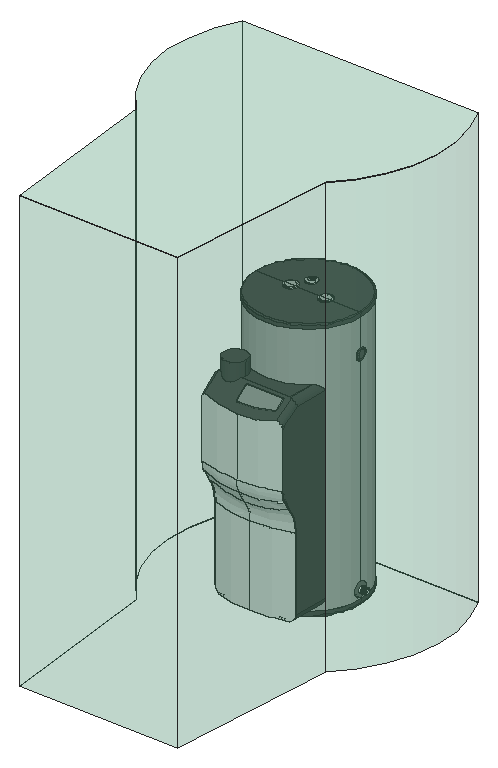
Revit family "Innovo  BENL_IR 20 200 BENL LP", category Mechanical Equipment, Revit 2015
Parameters (values of type "IR-20-200 BENL LP")
  Werkruimte Radius = Diameter + 170 mm  # 780 mm
  Werkruimte Hoogte = Hoogte + 1000 mm  # 2545 mm
  Werkruimte Afstand Voor = 1000 mm
  Werkruimte [instance] = yes
  Voorzorgsmaatregelen tijdens montage, installatie of onderhoud = "zie Gebruikers, Installatie, Service en Onderhouds handleiding"  # constant formula
  Voltage = 230 V  # constant formula
  Verpakkingslengte = 946 mm  # constant formula
  Verpakkingshoogte = 1695 mm
  Verpakkingsbreedte = 786 mm  # constant formula
  Uitsluitend werkend in daluren = no
  Uitschakeldruk LDS < = "210"
  Type aanduiding = "IR-32-245"
  Transportgewicht = 136 kg
  Totaal Gewicht = 381 kg
  Stilstandsverlies - dagelijks (24u) = 0 W
  Stilstandsverlies = 0 W
  Standaard Afgesteld op = "G31"
  Stand Regelthermostaat = 65 °C  # constant formula
  Soort Verpakking = "Karton en Hout"  # constant formula
  Slimme controlefunctie = no
  Setpoint thermostaat = 65 °C  # constant formula
  Seizoens Rendement (Hs) = [Rendement (Hs, vlgs. NEN-EN 89 - 1999)]  # 95
  Rendement (Hs, vlgs. NEN-EN 89 - 1999) = 95
  Rendement (Hi, vlgs. NEN-EN 89 - 1999) = 106
  Produktspecificaties Link = ""
  Produkthandleiding Link = ""
  Produkt Model Nummer (EAN-nummer) = "8717449286262"
  Onderhoudsinterval = "12 maanden"  # constant formula
  Nominale Belasting (Onderwaarde) = "29000.0"
  Nominale Belasting (Bovenwaarde) = "31500.0"
  Nominaal Vermogen = "30100.0"
  NOx-uitstoot mg/kWh = "37"
  NOx-uitstoot (lucht vrij, 0% O2) ppm = "23.0"
  Min. Stand Regelthermostaat = 40 °C  # constant formula
  Max. Werkdruk = 800000.0 Pa
  Max. Stand Regelthermostaat = 85 °C  # constant formula
  Max. Rookgastemperatuur = 65 °C
  Ledig Gewicht = 120 kg
  Kraan Hoogte 02 = if(and(Hoogte = 1745 mm, Diameter = 675 mm), 1518 mm, if(and(Hoogte = 1745 mm, Diameter = 610 mm), 1534 mm, if(Hoogte = 1545 mm, 1328 mm, 1070 mm)))  # 1328 mm
  Kraan Hoogte 01 = if(and(Diameter > 560 mm), 693 mm, 604 mm)  # 693 mm
  URL = "www.aosmith.be"
  Tapcapaciteit bij ΔT = 70°C  na 90 min. = 710.0 L
  Tapcapaciteit bij ΔT = 70°C  na 60 min. = 520.0 L
  Tapcapaciteit bij ΔT = 70°C  na 30 min. = 330.0 L
  Tapcapaciteit bij ΔT = 70°C  na 120 min. = 900.0 L
  Tapcapaciteit bij ΔT = 55°C  na 90 min. = 930.0 L
  Tapcapaciteit bij ΔT = 55°C  na 60 min. = 690.0 L
  Tapcapaciteit bij ΔT = 55°C  na 30 min. = 440.0 L
  Tapcapaciteit bij ΔT = 55°C  na 120 min. = 1200.0 L
  Tapcapaciteit bij ΔT = 50°C  na 90 min. = 1100.0 L
  Tapcapaciteit bij ΔT = 50°C  na 60 min. = 760.0 L
  Tapcapaciteit bij ΔT = 50°C  na 30 min. = 500.0 L
  Tapcapaciteit bij ΔT = 50°C na 120 min. = 1300.0 L
  Tapcapaciteit bij ΔT = 44°C na 120 min. = 1200.0 L
  Tapcapaciteit bij ΔT = 44°C  na 90 min. = 870.0 L
  Tapcapaciteit bij ΔT = 44°C  na 60 min. = 570.0 L
  Tapcapaciteit bij ΔT = 44°C  na 30 min. = 1500.0 L
  Tapcapaciteit bij ΔT = 28°C na 90 min. = 1900.0 L
  Tapcapaciteit bij ΔT = 28°C na 60 min. = 1400.0 L
  Tapcapaciteit bij ΔT = 28°C na 30 min. = 930.0 L
  Tapcapaciteit bij ΔT = 28°C na 120 min. = 2400.0 L
  Tapcapaciteit Continu bij ΔT = 70°C = 380.0 L/s
  Tapcapaciteit Continu bij ΔT = 55°C = 480.0 L/s
  Tapcapaciteit Continu bij ΔT = 50°C = 530.0 L/s
  Tapcapaciteit Continu bij ΔT = 44°C = 600.0 L/s
  Tapcapaciteit Continu bij ΔT = 28°C = 960.0 L/s
  Opwarmtijd bij ΔT = 70°C = "31"
  Opwarmtijd bij ΔT = 55°C = "24"
  Opwarmtijd bij ΔT = 50°C = "22"
  Opwarmtijd bij ΔT = 44°C = "20"
  Opwarmtijd bij ΔT = 28°C = "13"
  Model = "IR-32-325 BENL LP"
  Manufacturer = "A.O. Smith Water Products Company b.v."  # constant formula
  Length = 780 mm  # constant formula
  Jaarlijks elektriciteitsverbruik (2) = "-"
  Jaarlijks elektriciteitsverbruik (1) = "44 kWh"
  Jaarlijks brandstofverbruik (2) = "-"
  Jaarlijks brandstofverbruik (1) = "21 GJ GCV"
  Isolatiedikte = 44 mm
  Installatie Typen = "B23/C13/C33/C43/C53/C63"  # constant formula
  Inhoud = 245.0 L
  Hoogte Warm Water Uitlaat = 1545 mm
  Hoogte Rookgasafvoer = 1345 mm
  Hoogte Lucht Inlaat = 1345 mm
  Hoogte Koud Water Inlaat = 170 mm
  Hoogte Gas Aansluiting = 920 mm
  Hoogte = 1545 mm
  Handelsmerk = "A.O. Smith"  # constant formula
  Geluidsniveau dB (A) = "<45"  # constant formula
  Geluidsniveau binnen = "58 dB"
  Gasverbruik - Volume ltr/hr = "n.v.t."
  Gasverbruik - Massa kg/h = "2.3"
  Gascategorie = "I2E(S)B"  # constant formula
  Gas Voordruk = "3700 Pa"
  Gas Aansluiting = 15"  # constant formula
  Garrantie op Tank = "36 maanden"  # constant formula
  Garrantie op Onderdelen = "12 maanden"  # constant formula
  Frequentie = 50 Hz  # constant formula
  Fase = 1
  Fabrikantnummer = "E 7110"  # constant formula
  Energie-efficiëntieklasse voor waterverwarming (2) = "-"
  Energie-efficiëntieklasse voor waterverwarming (1) = "A"  # constant formula
  Energie-efficiëntie voor waterverwarming (2) = "-"
  Energie-efficiëntie voor waterverwarming (1) = "92%"
  Elektrisch Vermogen (piek) = 105 W
  Elektrisch Vermogen (nominaal) = 85 W
  Diameter Schoorsteen - parallel systeem = "2x80"  # constant formula
  Diameter Schoorsteen - concentrisch systeem = "80/125 mm/mm"  # constant formula
  Diameter Schoorsteen - boiler = "80/125 mm/mm"  # constant formula
  Diameter = 610 mm
  Description = "Condenserende Hoog Rendementsboiler"  # constant formula
  Created By = "http://www.cadcompany.nl/"
  Capaciteitsprofiel = "XXL"
  CO2-uitstoot (tol. +/- 1.0) vol% = "10.0"
  CE-PIN = "0063CQ3037"  # constant formula
  Breedte = Diameter  # 610 mm
  Bestemming / Land = "BelgIë"  # constant formula
  BIM Content Developer = "CAD & Company"  # constant formula
  Assembly Code = "D3010"
  Ander capaciteitsprofiel = "-"
  Aansluiting Warm Water = 1"
  Aansluiting T&P = 1"
  Aansluiting Koud Water = 3/4"  # constant formula
  Aansluiting Condensafvoer = 40 mm  # constant formula
  Aansluiting Aftapkraan = 3/4"  # constant formula
  2e Onderhoud (algeheel onderhoud) = "12 maanden na installatie"  # constant formula
  1e Onderhoud (check-up) = "3 maanden na installatie"  # constant formula
Reference planes
  plane 1 "Center (Front/Back)": y = 0
  plane 2: z = 0
  plane 3 "Center (Left/Right)": x = 0
  plane 4 "Pipe": through (-383.901, 912.349, 194.799) normal (-0.0879, -0.0879, 0.9923)
  plane 5 "footing": y = 118.925
  plane 6 "footing front": y = -237.85
  plane 7: x = -305
  plane 8: x = 305
  plane 9: z = 1545
Forms (mm)
  Revolve 1, solid, material "RAL 9005", detail levels medium+fine
    sketch origin (0, -237.85, 0) x (-1, 0, 0) y (0, 0, 1)
      loop
        line (0, 28.9) -> (-15, 28.9) -> (-15, 26.4) -> (-8.671, 26.4) -> (-8.671, 18) -> (-5.686, 18) -> (-6.626, 17.06) -> (-6.626, 12.06) -> (-8.671, 12.06) -> (-8.671, 10) -> (-10.031, 10) -> (-23.271, 5.181)
        arc (-23.271, 5.181) -> (-23.763, 4.836) -> (-24.017, 4.293) r 1.159
        line (-24.017, 4.293) -> (-24.017, 1.03)
        arc (-24.017, 1.03) -> (-23.715, 0.302) -> (-22.986, 0) r 1.03
        line (-22.986, 0) -> (0, 0) -> (0, 28.9)
      axis (0, 28.9) -> (0, 0)
    angle from 0 to 360
  Revolve 2, solid, material "RAL 9005", detail levels medium+fine
    sketch origin (0, 118.925, 0) x (-1, 0, 0) y (0, 0, 1)
      loop
        line (-205.984, 28.9) -> (-220.984, 28.9) -> (-220.984, 26.4) -> (-214.655, 26.4) -> (-214.655, 18) -> (-211.67, 18) -> (-212.61, 17.06) -> (-212.61, 12.06) -> (-214.655, 12.06) -> (-214.655, 10) -> (-216.015, 10) -> (-229.256, 5.181)
        arc (-229.256, 5.181) -> (-229.747, 4.836) -> (-230.001, 4.293) r 1.159
        line (-230.001, 4.293) -> (-230.001, 1.03)
        arc (-230.001, 1.03) -> (-229.699, 0.302) -> (-228.971, 0) r 1.03
        line (-228.971, 0) -> (-205.984, 0) -> (-205.984, 28.9)
      axis (-205.984, 28.9) -> (-205.984, 0)
    angle from 0 to 360
  Revolve 3, solid, material "RAL 9005", detail levels medium+fine
    sketch origin (0, 118.925, 0) x (-1, 0, 0) y (0, 0, 1)
      loop
        line (204.016, 28.9) -> (189.016, 28.9) -> (189.016, 26.4) -> (195.345, 26.4) -> (195.345, 18) -> (198.33, 18) -> (197.39, 17.06) -> (197.39, 12.06) -> (195.345, 12.06) -> (195.345, 10) -> (193.985, 10) -> (180.744, 5.181)
        arc (180.744, 5.181) -> (180.253, 4.836) -> (179.999, 4.293) r 1.159
        line (179.999, 4.293) -> (179.999, 1.03)
        arc (179.999, 1.03) -> (180.301, 0.302) -> (181.029, 0) r 1.03
        line (181.029, 0) -> (204.016, 0) -> (204.016, 28.9)
      axis (204.016, 28.9) -> (204.016, 0)
    angle from 0 to 360
Lines and regions (mm)
  symbolic lines
    curve 1: line (0, 280.06, 0) -> (0, -280.06, 0)
    curve 2: line (-280.06, 0, 0) -> (280.06, 0, 0)
  symbolic lines, style "Workspace"
    curve 3: line (681.142, 380.06, 0) -> (-681.142, 380.06, 0)
    curve 4: arc (-681.142, 380.06, 0) -> (-777.325, -64.546, 0) -> (-609.127, -487.2, 0) r 780
    curve 5: line (-609.127, -487.2, 0) -> (-421.783, -1517.825, 0)
    curve 6: line (-421.783, -1517.825, 0) -> (424.03, -1517.825, 0)
    curve 7: line (424.03, -1517.825, 0) -> (611.027, -484.816, 0)
    curve 8: arc (611.027, -484.816, 0) -> (777.449, -63.027, 0) -> (681.142, 380.06, 0) r 780
Dimensions and locks
  plane 5 "footing" to plane 1 "Center (Front/Back)" = 118.925 mm
  plane 1 "Center (Front/Back)" to plane 6 "footing front" = 237.85 mm
  "Diameter": plane 7 to plane 8
  equal spacing: plane 7, plane 3 "Center (Left/Right)", plane 8
  "Hoogte": plane 9 to plane 2
  "Werkruimte Afstand Voor": curve 6 to nested 3
  "Werkruimte Radius": radius of curve 4
  "Werkruimte Radius": radius of curve 8
  aligned and locked: level to plane 2
  aligned and locked: nested 3 to Revolve 1 sketch curve
  aligned and locked: plane 3 "Center (Left/Right)" to Revolve 1 sketch curve
  aligned and locked: nested 3 to plane 1 "Center (Front/Back)"
  aligned and locked: plane 3 "Center (Left/Right)" to nested 3
  aligned and locked: nested 1 to plane 8
  aligned and locked: nested 5 to plane 8
  aligned and locked: nested 2 to plane 7
  aligned and locked: nested 4 to plane 7
  aligned and locked: nested 7 to plane 7
  aligned and locked: nested 8 to plane 3 "Center (Left/Right)"
  aligned and locked: nested 8 to nested 3
  aligned and locked: curve 3 to nested 8
Automatic sketch dimensions
  Revolve 1 sketch curve to level = 0 mm
  plane 3 "Center (Left/Right)" to Revolve 1 sketch curve = 5.686 mm
  Revolve 1 sketch curve to Revolve 1 sketch curve = 0.94 mm  (x2)
  Revolve 1 sketch curve to Revolve 1 sketch curve = 2.046 mm  (x2)
  Revolve 1 sketch curve to Revolve 1 sketch curve = 1.359 mm
  Revolve 1 sketch curve to Revolve 1 sketch curve = 6.329 mm
  level to Revolve 1 sketch curve = 4.091 mm
  Revolve 1 sketch curve to Revolve 1 sketch curve = 12.844 mm
  level to Revolve 1 sketch curve = 1.03 mm
  Revolve 1 sketch curve to Revolve 1 sketch curve = 0.111 mm
  level to Revolve 1 sketch curve = 5.181 mm
  Revolve 1 sketch curve to Revolve 1 sketch curve = 0.745 mm
  level to Revolve 1 sketch curve = 10 mm
  Revolve 1 sketch curve to Revolve 1 sketch curve = 2.06 mm
  Revolve 1 sketch curve to Revolve 1 sketch curve = 5 mm
  Revolve 1 sketch curve to Revolve 1 sketch curve = 8.4 mm
  Revolve 1 sketch curve to Revolve 1 sketch curve = 2.5 mm
  Revolve 1 sketch curve to level = 19.635 mm
  Revolve 1 sketch curve to Revolve 1 sketch curve = 46.465 mm
  Revolve 2 sketch curve to level = 0 mm
  level to Revolve 2 sketch curve = 1.03 mm
  Revolve 2 sketch curve to plane 8 = 74.999 mm
  level to Revolve 2 sketch curve = 5.181 mm
  Revolve 2 sketch curve to Revolve 2 sketch curve = 0.745 mm
  Revolve 2 sketch curve to Revolve 2 sketch curve = 0.397 mm
  Revolve 2 sketch curve to Revolve 2 sketch curve = 8.271 mm
  Revolve 2 sketch curve to Revolve 2 sketch curve = 13.241 mm
  Revolve 2 sketch curve to Revolve 2 sketch curve = 1.359 mm
  Revolve 2 sketch curve to Revolve 2 sketch curve = 6.329 mm
  Revolve 2 sketch curve to Revolve 2 sketch curve = 2.046 mm
  level to Revolve 2 sketch curve = 18 mm
  Revolve 2 sketch curve to Revolve 2 sketch curve = 0.94 mm  (x2)
  Revolve 2 sketch curve to Revolve 2 sketch curve = 8.671 mm
  Revolve 2 sketch curve to Revolve 2 sketch curve = 1.089 mm
  Revolve 2 sketch curve to Revolve 2 sketch curve = 8 mm
  Revolve 2 sketch curve to Revolve 2 sketch curve = 2.06 mm
  Revolve 2 sketch curve to Revolve 2 sketch curve = 8.4 mm
  Revolve 2 sketch curve to Revolve 2 sketch curve = 2.5 mm
  Revolve 2 sketch curve to Revolve 2 sketch curve = 0 mm
  Revolve 2 sketch curve to level = 19.635 mm
  Revolve 2 sketch curve to Revolve 2 sketch curve = 46.465 mm
  Revolve 3 sketch curve to level = 0 mm
  level to Revolve 3 sketch curve = 1.03 mm
  Revolve 3 sketch curve to plane 7 = 125.001 mm
  level to Revolve 3 sketch curve = 5.181 mm
  Revolve 3 sketch curve to Revolve 3 sketch curve = 0.745 mm
  Revolve 3 sketch curve to Revolve 3 sketch curve = 0.397 mm
  Revolve 3 sketch curve to Revolve 3 sketch curve = 8.271 mm
  Revolve 3 sketch curve to Revolve 3 sketch curve = 13.241 mm
  Revolve 3 sketch curve to Revolve 3 sketch curve = 1.359 mm
  Revolve 3 sketch curve to Revolve 3 sketch curve = 6.329 mm
  Revolve 3 sketch curve to Revolve 3 sketch curve = 2.046 mm
  level to Revolve 3 sketch curve = 18 mm
  Revolve 3 sketch curve to Revolve 3 sketch curve = 0.94 mm  (x2)
  Revolve 3 sketch curve to Revolve 3 sketch curve = 8.671 mm
  Revolve 3 sketch curve to Revolve 3 sketch curve = 1.089 mm
  Revolve 3 sketch curve to Revolve 3 sketch curve = 8 mm
  Revolve 3 sketch curve to Revolve 3 sketch curve = 2.06 mm
  Revolve 3 sketch curve to Revolve 3 sketch curve = 8.4 mm
  Revolve 3 sketch curve to Revolve 3 sketch curve = 2.5 mm
  Revolve 3 sketch curve to Revolve 3 sketch curve = 0 mm
  Revolve 3 sketch curve to level = 19.635 mm
  Revolve 3 sketch curve to Revolve 3 sketch curve = 46.465 mm
  curve 4 to curve 8 = 0 mm  (x2)
  plane 1 "Center (Front/Back)" to curve 2 = 0 mm
  curve 1 to plane 3 "Center (Left/Right)" = 0 mm
  plane 1 "Center (Front/Back)" to curve 4 = 0 mm
  curve 4 to plane 3 "Center (Left/Right)" = 0 mm
  curve 5 to plane 6 "footing front" = 249.35 mm
  plane 7 to curve 5 = 116.783 mm
  plane 8 to curve 7 = 119.03 mm
  curve 7 to plane 6 "footing front" = 246.966 mm
  curve 2 to plane 7 = 24.94 mm
  curve 2 to plane 8 = 24.94 mm
  curve 1 to plane 6 "footing front" = 42.21 mm
  plane 5 "footing" to curve 1 = 161.135 mm
Nested families
  nested 1: "Valve" at (305, -0.38, 1328) x (0, 1, 0) z (0, 0, 1), built-in parameter 1001364 <- "Kraan Hoogte 02", type "Valve"
  nested 2: "Drain Valve" at (-305, 0, 1328), built-in parameter 1001364 <- "Kraan Hoogte 02", type "Drain Valve"
  nested 3: "Housing Mother Housing S 57 (external)" at (0, -299.886, 0), type "Housing Mother_Housing S_57"
    with radius 305 mm, distance to boiler center 154 mm, diameter 610 mm
  nested 4: "Drain Valve" at (-305, 0, 177), type "Drain Valve"
  nested 5: "Drain Valve" at (305, 0, 107) x (-1, 0, 0) z (0, 0, 1), type "Drain Valve"
  nested 6: "Boiler" at (0, 0, 0), height <- "Hoogte", type "Boiler"
    with height 1545 mm, radius 305 mm, Diameter 610 mm
  nested 7: "Drain Valve" at (-305, 0, 693), built-in parameter 1001364 <- "Kraan Hoogte 01", type "Drain Valve"
  nested 8: "Innovo_workspace" at (0, 0, 0), Workspace <- "Werkruimte", Workspace Distance Front <- "Werkruimte Afstand Voor", Workspace Height <- "Werkruimte Hoogte", Workspace Radius <- "Werkruimte Radius", type "Workspace"
    with Workspace Radius 780 mm, Workspace Height 2545 mm, Workspace Distance Front 1000 mm, Workspace yes, Center to Front 517.825 mm
Connectors
  piping at (339.826, 0, 107), diameter 19.05, driven by "Aansluiting Aftapkraan"
    settings: on nested 5, index 1, connector inside diameter 24", connector length 0 mm, flow factor 0, pipe flow 0.0 L/s, pressure drop 0.0 Pa, fitting loss kfactor 0, connector angle 0.00°, fixture units 0, engagement length 0 mm, angle of deflection 0.00°, flow configuration 0, flow direction 0, fitting loss method 0, system type 19, joint type 0, gender type 0, connector reference index -1, connector utility 0, adjustable connector no, is connector primary yes, connector description ""
  hvac at (-147.013, -346.326, 1310.674)
    settings: on nested 3, index 2, duct flow 0.0 L/s, flow factor 0, pres drop 0.0 Pa, loss coef 0, conn angle 0.00°, conn width 304.8 mm, conn height 304.8 mm, conn diameter 125 mm, duct sys type 4, conn prof type 0, flow config 0, flow direction 0, loss method 0, conn ref index -1, conn util no, is conn primary yes, conn desc ""
Definition of nested family "Valve"
  Parameters (values of type "Valve")
    Type Comments = "T&P valve (internal)"
    Manufacturer = "A.O. Smith"
  Reference planes
    plane 1 "Center (Front/Back)": y = 0
    plane 2: z = 0
    plane 3 "Center (Left/Right)": x = 0
  Forms (mm)
    Extrusion 1, solid, detail levels fine
      sketch origin (0, 0, 0) x (1, 0, 0) y (0, 0, 1)
        loop
          circle (0, 0) r 31.5
      from -2.271 to 1.4
    Sweep 2, solid, detail levels fine
      path origin (0, -1.4, 0) x (1, 0, 0) y (0, 0, 1)
        loop
          circle (0, 0) r 31.5
      profile origin (0, -1.4, 31.5) x (0, 0, -1) y (0, -1, 0)
        loop
          line (7.3, 0) -> (7.3, 3) -> (0, 0) -> (7.3, 0)
  Dimensions and locks
    aligned and locked: level to plane 2
Definition of nested family "Drain Valve"
  Reference planes
    plane 1 "Center (Front/Back)": y = 0
    plane 2: z = 0
    plane 3 "Center (Left/Right)": x = 0
  Forms (mm)
    Revolve 1, solid, detail levels medium+fine
      sketch origin (0, 0, 0) x (1, 0, 0) y (0, 0, 1)
        loop
          line (-33.442, 15.696) -> (-34.826, 14.329) -> (-34.93, 12.731) -> (-16.555, 12.731) -> (-16.555, 0) -> (15.787, 0) -> (15.787, 18.3) -> (-14.4, 18.3) -> (-17.148, 15.533) -> (-18.729, 16.697) -> (-20.091, 15.333) -> (-21.672, 16.496) -> (-23.034, 15.133) -> (-24.614, 16.296) -> (-25.976, 14.932) -> (-27.557, 16.096) -> (-28.919, 14.732) -> (-30.5, 15.896) -> (-31.862, 14.532) -> (-33.442, 15.696)
        axis (-34.93, 0) -> (15.787, 0)
      angle from 0 to 360
  Dimensions and locks
    aligned and locked: level to plane 2
  Nested families
    nested 1: "Rubber sealing" at (2.592, -0.155, 0) x (0.0023, -1, 0) z (0, 0, 1), type "Rubber sealing", detail levels fine
  Definition of nested family "Rubber sealing"
    Reference planes
      plane 1 "Center (Front/Back)": y = 0
      plane 2: z = 0
      plane 3 "Center (Left/Right)": x = 0
    Forms (mm)
      Extrusion 1, solid, detail levels fine
        sketch origin (141.861, 319.581, 0) x (1, 0, 0) y (0, 1, 0)
          loop
            line (-216.354, -311.898) -> (-216.354, -313.94)
            arc (-216.354, -313.94) -> (-141.602, -321.581) -> (-66.861, -313.835) r 366.966
            line (-66.861, -313.835) -> (-66.861, -311.791)
            arc (-66.861, -311.791) -> (-141.602, -319.581) -> (-216.354, -311.898) r 364.966
        from -80 to 80
      Extrusion 2, void
        sketch origin (141.861, 319.581, 0) x (1, 0, 0) y (0, 0, 1)
          loop
            circle (-141.861, 0) r 13
          loop
            circle (-141.861, 0) r 110
          loop
            circle (-141.861, 0) r 40
        from 311.563 to 332.684
      Extrusion 3, void
        sketch origin (141.861, 319.581, 0) x (1, 0, 0) y (0, 0, 1)
          loop
            circle (-141.861, 0) r 18.25
        from 315.524 to 326.084
    Cuts and joins
      Extrusion 2, Extrusion 3 cuts Extrusion 1
    Dimensions and locks
      aligned and locked: level to plane 2
Definition of nested family "Housing Mother Housing S 57 (external)"
  Parameters (values of type "Housing Mother_Housing S_57")
    radius [instance] = 280 mm
    distance to boiler center = if(diameter = 675 mm, 189 mm, if(diameter = 610 mm, 154 mm, 129 mm))  # 129 mm
    diameter = 560 mm
  Reference planes
    plane 1 "Center (Front/Back)": y = 0
    plane 2: z = 0
    plane 3 "Center (Left/Right)": x = 0
    plane 4 "left": through (-245.286, 145.886, 1200) normal (0.9994, 0.0349, 0)
    plane 5: y = -217.939
    plane 6: y = 145.886
    plane 7: z = 1232.6
    plane 8: z = 65.89
    plane 9 "right": through (245.286, 145.886, 1200) normal (0.9994, -0.0349, 0)
    plane 10 "display": through (0, -90.37, 1221.196) normal (0, -0.5736, 0.8192)
    plane 11 "Potentiostat": z = 867.899
    plane 12 "boiler center": y = 274.886
    plane 13: x = -280
    plane 14: x = 280
  Forms (mm)
    Extrusion 1, solid
      sketch origin (0, 0, 0) x (1, 0, 0) y (0, 1, 0)
        loop
          line (-245.286, 145.886) -> (-232.581, -217.939) -> (232.581, -217.939) -> (245.286, 145.886)
          arc (245.286, 145.886) -> (0, 0.923) -> (-245.286, 145.886) r 280
      from 0 to 1232.6
    Sweep 2, void
      path origin (0, 0, 0) x (0, 1, 0) y (0, 0, 1)
        loop
          line (-217.939, 1232.6) -> (-217.939, 795.555)
          arc (-217.939, 795.555) -> (-212.387, 754.285) -> (-197.694, 715.322) r 183.924
          arc (-197.694, 715.322) -> (-179.915, 684.628) -> (-159.106, 655.901) r 348.284
          arc (-159.106, 655.901) -> (-131.411, 600.328) -> (-121.88, 538.973) r 202.254
          line (-121.88, 538.973) -> (-121.88, 61.106)
      profile origin (0, -217.939, 1014.077) x (1, 0, 0) y (0, 1, 0)
        loop
          arc (0, 0) -> (-117.533, 9.941) -> (-231.728, 39.475) r 699.984
          arc (-231.728, 39.475) -> (-233.391, 40.705) -> (-234.07, 42.659) r 3.505
          line (-234.07, 42.659) -> (-254.062, 42.659) -> (-254.062, -142.593) -> (254.07, -142.593) -> (254.07, 42.659) -> (234.07, 42.659)
          arc (234.07, 42.659) -> (233.391, 40.705) -> (231.728, 39.475) r 3.505
          arc (231.728, 39.475) -> (117.533, 9.941) -> (0, 0) r 699.984
    Extrusion 3, void
      sketch origin (0, 0, 0) x (0, 1, 0) y (0, 0, 1)
        loop
          arc (102.864, 70.869) -> (99.804, 70.709) -> (96.874, 69.813) r 12.57
          arc (96.874, 69.813) -> (87.878, 66.533) -> (78.516, 64.529) r 69.114
          arc (78.516, 64.529) -> (76.41, 64.284) -> (74.294, 64.148) r 41.206
          arc (74.294, 64.148) -> (65.203, 64.335) -> (56.122, 64.782) r 318.661
          arc (56.122, 64.782) -> (30.585, 66.179) -> (5.028, 67.128) r 1456.581
          line (5.028, 67.128) -> (-84.534, 73.135)
          arc (-84.534, 73.135) -> (-86.363, 73.808) -> (-87.536, 75.365) r 3.455
          line (-87.536, 75.365) -> (-264.473, 75.365) -> (-264.473, 0) -> (160.886, 0) -> (160.886, 103.945) -> (145.886, 103.945)
          arc (145.886, 103.945) -> (145.104, 97.827) -> (142.923, 92.059) r 26.364
          arc (142.923, 92.059) -> (141.067, 88.936) -> (138.867, 86.045) r 31.715
          arc (138.867, 86.045) -> (135.576, 82.49) -> (132.021, 79.2) r 62.615
          arc (132.021, 79.2) -> (125.841, 74.697) -> (119.091, 71.103) r 54.444
          arc (119.091, 71.103) -> (116.371, 70.272) -> (113.531, 70.123) r 11.669
          line (113.531, 70.123) -> (102.864, 70.869)
      from -254.062 to 254.07
    Sweep 4, void
      path origin (0, 0, 0) x (1, 0, 0) y (0, 1, 0)
        loop
          line (-245.286, 145.886) -> (-232.581, -217.939)
      profile origin (-238.933, -36.027, 0) x (0.999391, 0.034899, 0) y (0, 0, 1)
        loop
          line (-4.454, 0) -> (47.084, 0) -> (47.084, 73.431)
          arc (47.084, 73.431) -> (14.222, 85.134) -> (0.255, 117.1) r 43.922
          line (0.255, 117.1) -> (-4.454, 117.1) -> (-4.454, 0)
    Sweep 5, void
      path origin (0, 0, 0) x (-1, 0, 0) y (0, 1, 0)
        loop
          line (-245.286, 145.886) -> (-232.581, -217.939)
      profile origin (238.933, -36.027, 0) x (0.999391, -0.034899, 0) y (0, 0, 1)
        loop
          line (4.454, 0) -> (4.454, 117.1) -> (-0.255, 117.1)
          arc (-0.255, 117.1) -> (-14.222, 85.134) -> (-47.084, 73.431) r 43.922
          line (-47.084, 73.431) -> (-47.084, 0) -> (4.454, 0)
    Sweep 6, void
      path origin (-239.899, -8.377, 0) x (-0.034899, 0.999391, 0) y (0, 0, 1)
        loop
          line (-209.69, 1141.272) -> (-79.18, 1232.6) -> (154.358, 1232.6)
      profile origin (-241.211, 29.188, 1232.6) x (0, 0, 1) y (0.999391, 0.034899, 0)
        loop
          line (-45, -30) -> (75, -30) -> (75, 0) -> (75, 55) -> (2.799, 55) -> (-1.253, 35.128)
          arc (-1.253, 35.128) -> (-16.771, 9.564) -> (-45, -0.308) r 44.287
          line (-45, -0.308) -> (-45, -30)
    Sweep 7, void
      path origin (239.899, -8.377, 0) x (0.034899, 0.999391, 0) y (0, 0, 1)
        loop
          line (-209.69, 1141.272) -> (-79.18, 1232.6) -> (154.358, 1232.6)
      profile origin (241.211, 29.188, 1232.6) x (0, 0, -1) y (-0.999391, 0.034899, 0)
        loop
          line (-75, -25) -> (45, -25) -> (45, -0.308)
          arc (45, -0.308) -> (16.771, 9.564) -> (1.253, 35.128) r 44.287
          line (1.253, 35.128) -> (-2.799, 55) -> (-75, 55) -> (-75, -25)
    Extrusion 8, void
      sketch origin (0, 0, 0) x (0, 1, 0) y (0, 0, 1)
        loop
          line (-270, 1336.099) -> (-270, 1099.081) -> (68.497, 1336.099) -> (-270, 1336.099)
      from -425.038 to 444.42
    Extrusion 9, solid, detail levels medium+fine
      sketch origin (0, 0, 0) x (1, 0, 0) y (0, 1, 0)
        loop
          circle (-147.013, -46.44) r 65
      from 1163.174 to 1310.674
    Extrusion 10, void
      sketch origin (0, -603.506, 861.895) x (0, 0.819152, 0.573576) y (-1, 0, 0)
        loop
          arc (618.322, -173) -> (623.272, -170.95) -> (625.322, -166) r 7
          line (625.322, -166) -> (625.322, 35)
          arc (625.322, 35) -> (623.272, 39.95) -> (618.322, 42) r 7
          line (618.322, 42) -> (535.473, 42)
          arc (535.473, 42) -> (530.688, 40.11) -> (528.488, 35.46) r 7
          arc (528.488, 35.46) -> (531.569, -67.592) -> (554.18, -168.18) r 540
          arc (554.18, -168.18) -> (556.724, -171.668) -> (560.831, -173) r 7
          line (560.831, -173) -> (618.322, -173)
      from 0 to 137.286
    Sweep 11, solid, detail levels fine
      path origin (0, 0, 867.899) x (-1, 0, 0) y (0, -1, 0)
        loop
          line (309.749, -35.617) -> (204.371, -35.617)
          arc (204.371, -35.617) -> (196.509, -34.687) -> (189.082, -31.947) r 33.677
          line (189.082, -31.947) -> (-9.574, 69.274)
      profile origin (-257.06, 35.617, 867.899) x (0, 1, 0) y (0, 0, 1)
        loop
          circle (0, 0) r 7.316
        loop
          circle (0, 0) r 6.465
    Revolve 12, void
      sketch origin (0, 274.886, 0) x (-1, 0, 0) y (0, 0, 1)
        loop
          line (280, 1243.838) -> (0, 1243.838) -> (0, 54.9) -> (280, 54.9) -> (280, 1243.838)
        axis (0, 1243.838) -> (0, 54.9)
      angle from 0 to 360
  Cuts and joins
    Sweep 2, Extrusion 3, Sweep 4, Sweep 5, Sweep 6, Sweep 7, Extrusion 8, Extrusion 10, Revolve 12 cuts Extrusion 1
  Dimensions and locks
    plane 8 to plane 2 = 65.89 mm
    plane 7 to plane 8 = 1166.71 mm
    "distance to boiler center": plane 12 "boiler center" to plane 6
    "diameter": plane 14 to plane 13
    equal spacing: plane 14, plane 3 "Center (Left/Right)", plane 13
    "radius": plane 3 "Center (Left/Right)" to plane 13
    aligned and locked: level to plane 2
    aligned and locked: Extrusion 1 to plane 7
    aligned and locked: Extrusion 1 sketch curve to plane 5
    aligned and locked: Sweep 2 to Extrusion 3
    aligned and locked: Extrusion 3 to Sweep 2  (x2)
    aligned and locked: plane 7 to Sweep 2 sketch curve
    aligned and locked: plane 3 "Center (Left/Right)" to Revolve 12 sketch curve
    aligned and locked: Revolve 12 sketch curve to plane 3 "Center (Left/Right)"
    aligned and locked: plane 13 to Revolve 12 sketch curve
  Automatic sketch dimensions
    Extrusion 1 sketch curve to plane 4 "left" = 0 mm  (x2)
    Extrusion 1 sketch curve to plane 6 = 0 mm  (x2)
    Extrusion 1 sketch curve to plane 3 "Center (Left/Right)" = 0 mm
    Extrusion 1 sketch curve to plane 9 "right" = 0 mm
    plane 6 to Extrusion 1 sketch curve = 135.037 mm
    Sweep 2 sketch curve to plane 5 = 0 mm
    plane 5 to Sweep 2 sketch curve = 106.195 mm
    Sweep 2 sketch curve to plane 5 = 96.059 mm
    plane 1 "Center (Front/Back)" to Sweep 2 sketch curve = 34.053 mm
    plane 11 "Potentiostat" to Sweep 2 sketch curve = 6.417 mm
    Sweep 2 sketch curve to plane 6 = 33.705 mm
    Sweep 2 sketch curve to plane 11 "Potentiostat" = 68.615 mm
    Sweep 2 sketch curve to plane 11 "Potentiostat" = 72.345 mm
    Sweep 2 sketch curve to Sweep 2 sketch curve = 176.349 mm
    Sweep 2 sketch curve to Sweep 2 sketch curve = 0 mm  (x2)
    plane 8 to Sweep 2 sketch curve = 4.784 mm
    Extrusion 3 sketch curve to level = 0 mm
    Extrusion 3 sketch curve to plane 6 = 0 mm
    Extrusion 3 sketch curve to plane 6 = 26.363 mm
    Extrusion 3 sketch curve to Extrusion 3 sketch curve = 4.75 mm
    Extrusion 3 sketch curve to Extrusion 3 sketch curve = 5.179 mm
    Extrusion 3 sketch curve to plane 8 = 4.232 mm
    Extrusion 3 sketch curve to Extrusion 3 sketch curve = 0.814 mm
    Extrusion 3 sketch curve to plane 8 = 4.978 mm
    Extrusion 3 sketch curve to Extrusion 3 sketch curve = 10.667 mm
    Extrusion 3 sketch curve to Extrusion 3 sketch curve = 0.877 mm
    Extrusion 3 sketch curve to Extrusion 3 sketch curve = 17.827 mm
    Extrusion 3 sketch curve to Extrusion 3 sketch curve = 5.646 mm
    Extrusion 3 sketch curve to plane 6 = 69.562 mm
    Extrusion 3 sketch curve to Extrusion 3 sketch curve = 18.6 mm
    Extrusion 3 sketch curve to Extrusion 3 sketch curve = 22.538 mm
    Extrusion 3 sketch curve to plane 8 = 1.238 mm
    Extrusion 3 sketch curve to plane 1 "Center (Front/Back)" = 5.028 mm
    plane 1 "Center (Front/Back)" to Extrusion 3 sketch curve = 36.224 mm
    Extrusion 3 sketch curve to plane 8 = 10.692 mm
    plane 1 "Center (Front/Back)" to Extrusion 3 sketch curve = 84.302 mm
    Extrusion 3 sketch curve to plane 8 = 7.244 mm
    Extrusion 3 sketch curve to Extrusion 3 sketch curve = 0.231 mm
    Extrusion 3 sketch curve to Extrusion 3 sketch curve = 3.234 mm
    plane 5 to Extrusion 3 sketch curve = 46.534 mm
    plane 6 to Extrusion 3 sketch curve = 15 mm
    Extrusion 3 sketch curve to level = 1388.869 mm
    plane 8 to Extrusion 3 sketch curve = 7.561 mm
    Extrusion 3 sketch curve to Extrusion 3 sketch curve = 11.64 mm
    Extrusion 3 sketch curve to plane 8 = 38.054 mm
    Extrusion 3 sketch curve to Extrusion 3 sketch curve = 22.442 mm
    Extrusion 3 sketch curve to plane 8 = 39.432 mm
    Extrusion 3 sketch curve to Extrusion 3 sketch curve = 2.466 mm
    Extrusion 3 sketch curve to Extrusion 3 sketch curve = 14.17 mm
    Extrusion 3 sketch curve to Extrusion 3 sketch curve = 5.925 mm
    Extrusion 3 sketch curve to Extrusion 3 sketch curve = 6.186 mm
    Extrusion 3 sketch curve to Extrusion 3 sketch curve = 249.85 mm
    Extrusion 3 sketch curve to Extrusion 3 sketch curve = 0 mm  (x4)
    Extrusion 3 sketch curve to Extrusion 3 sketch curve = 6.845 mm
    plane 8 to Extrusion 3 sketch curve = 1.743 mm
    Sweep 4 sketch curve to plane 4 "left" = 0 mm  (x2)
    Sweep 4 sketch curve to plane 6 = 0 mm
    plane 5 to Sweep 4 sketch curve = 0 mm
    Sweep 4 sketch curve to level = 0 mm
    profile plane to Sweep 4 sketch curve = 4.454 mm
    Sweep 4 sketch curve to profile plane = 0.255 mm
    Sweep 4 sketch curve to Sweep 4 sketch curve = 43.922 mm
    Sweep 4 sketch curve to profile plane = 47.084 mm
    level to Sweep 4 sketch curve = 73.431 mm
    Sweep 4 sketch curve to Sweep 4 sketch curve = 43.669 mm
    Sweep 5 sketch curve to plane 6 = 0 mm
    Sweep 5 sketch curve to plane 9 "right" = 0 mm  (x2)
    plane 5 to Sweep 5 sketch curve = 0 mm
    Sweep 5 sketch curve to level = 0 mm
    profile plane to Sweep 5 sketch curve = 47.084 mm
    Sweep 5 sketch curve to Sweep 5 sketch curve = 2.907 mm
    profile plane to Sweep 5 sketch curve = 0.255 mm
    Sweep 5 sketch curve to profile plane = 4.454 mm
    level to Sweep 5 sketch curve = 73.431 mm
    Sweep 5 sketch curve to Sweep 5 sketch curve = 43.669 mm
    Sweep 6 sketch curve to plane 7 = 0 mm
    plane 7 to Sweep 6 sketch curve = 91.328 mm
    Sweep 6 sketch curve to Sweep 6 sketch curve = 130.509 mm
    Sweep 6 sketch curve to Sweep 6 sketch curve = 233.538 mm
    Sweep 6 sketch curve to plane 4 "left" = 0 mm
    profile plane to Sweep 6 sketch curve = 45 mm
    Sweep 6 sketch curve to Sweep 6 sketch curve = 0.354 mm
    profile plane to Sweep 6 sketch curve = 1.253 mm
    Sweep 6 sketch curve to profile plane = 2.799 mm
    Sweep 6 sketch curve to Sweep 6 sketch curve = 72.201 mm
    Sweep 6 sketch curve to plane 4 "left" = 0.308 mm
    Sweep 6 sketch curve to Sweep 6 sketch curve = 29.692 mm
    plane 4 "left" to Sweep 6 sketch curve = 35.128 mm
    plane 4 "left" to Sweep 6 sketch curve = 55 mm
    Sweep 7 sketch curve to plane 7 = 0 mm
    Sweep 7 sketch curve to plane 7 = 91.328 mm
    Sweep 7 sketch curve to Sweep 7 sketch curve = 130.509 mm
    Sweep 7 sketch curve to Sweep 7 sketch curve = 233.538 mm
    Sweep 7 sketch curve to plane 9 "right" = 25 mm
    profile plane to Sweep 7 sketch curve = 75 mm
    profile plane to Sweep 7 sketch curve = 2.799 mm
    Sweep 7 sketch curve to profile plane = 1.253 mm
    Sweep 7 sketch curve to Sweep 7 sketch curve = 43.393 mm
    Sweep 7 sketch curve to profile plane = 45 mm
    Sweep 7 sketch curve to plane 9 "right" = 0.308 mm
    plane 9 "right" to Sweep 7 sketch curve = 35.128 mm
    Sweep 7 sketch curve to Sweep 7 sketch curve = 19.872 mm
    plane 5 to Extrusion 8 sketch curve = 52.061 mm
    Extrusion 8 sketch curve to plane 1 "Center (Front/Back)" = 68.497 mm
    plane 7 to Extrusion 8 sketch curve = 133.519 mm
    Extrusion 8 sketch curve to plane 7 = 103.499 mm
    plane 1 "Center (Front/Back)" to Extrusion 9 sketch curve = 46.44 mm
    Extrusion 9 sketch curve to plane 3 "Center (Left/Right)" = 147.013 mm
    Extrusion 10 sketch curve to plane 3 "Center (Left/Right)" = 0 mm
    Extrusion 10 sketch curve to plane 3 "Center (Left/Right)" = 35 mm
    Extrusion 10 sketch curve to Extrusion 10 sketch curve = 25.359 mm
    Extrusion 10 sketch curve to Extrusion 10 sketch curve = 57.491 mm
    Extrusion 10 sketch curve to plane 3 "Center (Left/Right)" = 42 mm
    Extrusion 10 sketch curve to Extrusion 10 sketch curve = 82.85 mm
    Extrusion 10 sketch curve to Extrusion 10 sketch curve = 7 mm
    Extrusion 10 sketch curve to Extrusion 10 sketch curve = 442 mm
    plane 3 "Center (Left/Right)" to Extrusion 10 sketch curve = 166 mm
    Extrusion 10 sketch curve to Extrusion 10 sketch curve = 0 mm  (x2)
    Sweep 11 sketch curve to plane 1 "Center (Front/Back)" = 31.947 mm
    Sweep 11 sketch curve to plane 3 "Center (Left/Right)" = 189.082 mm
    Sweep 11 sketch curve to plane 1 "Center (Front/Back)" = 1.94 mm
    Sweep 11 sketch curve to Sweep 11 sketch curve = 15.289 mm
    plane 3 "Center (Left/Right)" to Sweep 11 sketch curve = 9.574 mm
    Sweep 11 sketch curve to Sweep 11 sketch curve = 105.378 mm
    plane 1 "Center (Front/Back)" to Sweep 11 sketch curve = 69.274 mm
    Sweep 11 sketch curve to Sweep 11 sketch curve = 0 mm  (x2)
    Sweep 11 sketch curve to plane 11 "Potentiostat" = 0 mm
    Sweep 11 sketch curve to profile plane = 0 mm
    plane 8 to Revolve 12 sketch curve = 10.99 mm
    Revolve 12 sketch curve to plane 7 = 11.238 mm
    Revolve 12 sketch curve to level = 366.045 mm
    Revolve 12 sketch curve to Revolve 12 sketch curve = 971.917 mm
    Sweep 2 sketch curve to plane 3 "Center (Left/Right)" = 0 mm
    profile plane to Sweep 2 sketch curve = 0 mm
    Sweep 2 sketch curve to plane 3 "Center (Left/Right)" = 0.016 mm
    Sweep 2 sketch curve to profile plane = 42.782 mm  (x2)
    Sweep 2 sketch curve to plane 3 "Center (Left/Right)" = 230.568 mm
    plane 3 "Center (Left/Right)" to Sweep 2 sketch curve = 0.016 mm
    plane 3 "Center (Left/Right)" to Sweep 2 sketch curve = 230.568 mm
    Sweep 2 sketch curve to Sweep 2 sketch curve = 3.502 mm  (x2)
    Sweep 2 sketch curve to Sweep 2 sketch curve = 20 mm
    profile plane to Sweep 2 sketch curve = 142.593 mm
    Sweep 2 sketch curve to Sweep 2 sketch curve = 0.122 mm  (x2)
    Sweep 2 sketch curve to Sweep 2 sketch curve = 657.203 mm
    Sweep 2 sketch curve to Sweep 2 sketch curve = 19.991 mm
    radius of Extrusion 9 sketch curve = 65 mm
    radius of Sweep 11 sketch curve = 7.316 mm
    radius of Sweep 11 sketch curve = 6.465 mm
  Nested families
    nested 1: "display" at (65.5, -130.939, 1192.79) x (-1, 0, 0) z (0, -0.5736, 0.8192), type "display"
  Definition of nested family "display"
    Parameters (values of type "display")
      Default Elevation = 1219.2 mm
    Reference planes
      plane 1 "Center (Front/Back)": y = 0
      plane 2: z = 0
      plane 3 "Center (Left/Right)": x = 0
    Forms (mm)
      Extrusion 1, solid, detail levels medium+fine
        sketch origin (-16.958, 11.842, -343.878) x (1, 0, 0) y (0, 0, -1)
          loop
            line (-233.523, -343.878) -> (-233.523, -346.592) -> (332.686, -346.592) -> (332.686, -343.878) -> (-233.523, -343.878)
        from -228.7 to 150.822
      Extrusion 2, void
        sketch origin (-16.958, 6.842, -343.878) x (1, 0, 0) y (0, 1, 0)
          loop
            line (-233.523, 155.822) -> (-233.523, -223.7) -> (332.686, -223.7) -> (332.686, 155.822) -> (-233.523, 155.822)
          loop
            arc (-90.542, -48.267) -> (-88.492, -53.216) -> (-83.542, -55.267) r 7
            line (-83.542, -55.267) -> (117.458, -55.267)
            arc (117.458, -55.267) -> (122.408, -53.216) -> (124.458, -48.267) r 7
            line (124.458, -48.267) -> (124.458, 34.583)
            arc (124.458, 34.583) -> (122.568, 39.368) -> (117.918, 41.568) r 7
            arc (117.918, 41.568) -> (14.866, 38.487) -> (-85.722, 15.876) r 540
            arc (-85.722, 15.876) -> (-89.21, 13.332) -> (-90.542, 9.224) r 7
            line (-90.542, 9.224) -> (-90.542, -48.267)
        from 328.878 to 363.083
    Cuts and joins
      Extrusion 2 cuts Extrusion 1
    Dimensions and locks
      aligned and locked: level to plane 2
Definition of nested family "Boiler"
  Parameters (values of type "Boiler")
    radius [instance] = 280 mm
    height [instance] = 1270 mm
    Diameter = 560 mm
  Reference planes
    plane 1 "Center (Front/Back)": y = 0
    plane 2: z = 0
    plane 3 "Center (Left/Right)": x = 0
    plane 4: z = 1243.838
    plane 5: z = 1270
    plane 6 "bottom": z = 28.9
    plane 7: z = 54.9
    plane 8 "top controle": y = 88
    plane 9: x = -280
    plane 10: x = 280
  Forms (mm)
    Revolve 1, solid
      sketch origin (0, 0, 0) x (1, 0, 0) y (0, 0, 1)
        loop
          line (0, 54.9) -> (-280, 54.9) -> (-280, 32.9)
          arc (-280, 32.9) -> (-278.828, 30.072) -> (-276, 28.9) r 4
          line (-276, 28.9) -> (0, 28.9) -> (0, 54.9)
        axis (0, 28.9) -> (0, 54.9)
      angle from 0 to 360
    Revolve 2, solid
      sketch origin (1.311, 0, 0) x (1, 0, 0) y (0, 0, 1)
        loop
          line (-278.86, 1243.838) -> (-278.86, 54.9) -> (-1.311, 54.9) -> (-1.311, 1243.838) -> (-278.86, 1243.838)
        axis (-1.311, 1243.838) -> (-1.311, 54.9)
      angle from 0 to 360
    Revolve 3, solid
      sketch origin (-9.205, 0, 377.212) x (-1, 0, 0) y (0, 0, 1)
        loop
          line (-148.904, 892.788) -> (-110.805, 892.788) -> (-110.805, 895.963) -> (-141.883, 895.963) -> (-148.904, 893.62) -> (-148.904, 892.788)
        axis (-110.805, 892.788) -> (-110.805, 895.963)
      angle from 0 to 360
    Revolve 4, solid
      sketch origin (0, 0, 718.065) x (1, 0, 0) y (0, 0, -1)
        loop
          line (0, -525.773) -> (-280, -525.773) -> (-280, -547.935)
          arc (-280, -547.935) -> (-278.828, -550.763) -> (-276, -551.935) r 4
          line (-276, -551.935) -> (0, -551.935) -> (0, -525.773)
        axis (0, -551.935) -> (0, -525.773)
      angle from 0 to 360
    Revolve 5, solid
      sketch origin (0, 88, 0) x (1, 0, 0) y (0, 0, 1)
        loop
          line (-19.051, 1270) -> (-19.051, 1271.074) -> (-32.63, 1275.604) -> (-32.63, 1271.117) -> (-37.266, 1271.117) -> (-38.383, 1270) -> (-19.051, 1270)
        axis (-50.8, 1270) -> (-50.8, 1275.604)
      angle from 0 to 360
    Revolve 6, solid
      sketch origin (-217.12, 0, 372.245) x (-1, 0, 0) y (0, 0, 1)
        loop
          line (-153.622, 897.755) -> (-115.52, 897.755) -> (-115.52, 900.93) -> (-146.626, 900.93) -> (-153.622, 898.596) -> (-153.622, 897.755)
        axis (-115.52, 897.755) -> (-115.52, 900.93)
      angle from 0 to 360
  Dimensions and locks
    "height": plane 5 to plane 2
    plane 6 "bottom" to plane 2 = 28.9 mm
    locked: plane 5 to plane 4 at 26.162
    locked: plane 1 "Center (Front/Back)" to plane 8 "top controle" at 88
    "Diameter": plane 10 to plane 9
    equal spacing: plane 10, plane 3 "Center (Left/Right)", plane 9
    "radius": plane 3 "Center (Left/Right)" to plane 9
    locked: plane 9 to Revolve 2 sketch curve at 2.452
    aligned and locked: level to plane 2
    aligned and locked: Revolve 2 sketch curve to plane 7
    aligned and locked: Revolve 2 sketch curve to plane 4
    aligned and locked: Revolve 1 sketch curve to plane 7
    aligned and locked: plane 6 "bottom" to Revolve 1 sketch curve
    aligned and locked: Revolve 4 sketch curve to plane 3 "Center (Left/Right)"
    aligned and locked: plane 5 to Revolve 4 sketch curve
    aligned and locked: Revolve 4 sketch curve to plane 4
    aligned and locked: plane 9 to Revolve 4 sketch curve
    aligned and locked: Revolve 1 sketch curve to plane 9
    aligned and locked: Revolve 2 sketch curve to plane 3 "Center (Left/Right)"
    aligned and locked: plane 3 "Center (Left/Right)" to Revolve 2 sketch curve
  Automatic sketch dimensions
    Revolve 1 sketch curve to plane 3 "Center (Left/Right)" = 0 mm  (x2)
    Revolve 1 sketch curve to Revolve 1 sketch curve = 4 mm
    Revolve 1 sketch curve to level = 40 mm
    Revolve 1 sketch curve to Revolve 1 sketch curve = 305.1 mm
    Revolve 2 sketch curve to level = 366.045 mm
    Revolve 2 sketch curve to plane 5 = 945.755 mm
    Revolve 3 sketch curve to plane 5 = 0 mm
    Revolve 3 sketch curve to plane 3 "Center (Left/Right)" = 139.699 mm
    plane 5 to Revolve 3 sketch curve = 3.175 mm
    Revolve 3 sketch curve to Revolve 3 sketch curve = 7.022 mm
    Revolve 3 sketch curve to Revolve 3 sketch curve = 31.078 mm
    Revolve 3 sketch curve to Revolve 3 sketch curve = 0.832 mm
    Revolve 3 sketch curve to Revolve 3 sketch curve = 0 mm
    Revolve 3 sketch curve to Revolve 3 sketch curve = 2.338 mm
    Revolve 3 sketch curve to Revolve 3 sketch curve = 4.487 mm
    Revolve 4 sketch curve to plane 3 "Center (Left/Right)" = 0 mm
    Revolve 4 sketch curve to Revolve 4 sketch curve = 4 mm
    Revolve 4 sketch curve to Revolve 4 sketch curve = 68.738 mm
    Revolve 4 sketch curve to Revolve 4 sketch curve = 305.1 mm
    Revolve 6 sketch curve to plane 5 = 0 mm
    plane 3 "Center (Left/Right)" to Revolve 6 sketch curve = 63.497 mm
    plane 5 to Revolve 6 sketch curve = 3.175 mm
    Revolve 6 sketch curve to Revolve 6 sketch curve = 6.997 mm
    Revolve 6 sketch curve to Revolve 6 sketch curve = 31.106 mm
    Revolve 6 sketch curve to Revolve 6 sketch curve = 0.84 mm
    Revolve 6 sketch curve to Revolve 6 sketch curve = 0 mm
    Revolve 6 sketch curve to Revolve 6 sketch curve = 7.216 mm
    Revolve 6 sketch curve to Revolve 6 sketch curve = 0.391 mm
    Revolve 5 sketch curve to Revolve 5 sketch curve = 13.578 mm
    Revolve 5 sketch curve to Revolve 5 sketch curve = 1.074 mm
    Revolve 5 sketch curve to Revolve 5 sketch curve = 12.417 mm
    Revolve 5 sketch curve to Revolve 5 sketch curve = 5.753 mm
    Revolve 5 sketch curve to plane 5 = 1.117 mm
    Revolve 5 sketch curve to Revolve 5 sketch curve = 1.117 mm
    plane 5 to Revolve 5 sketch curve = 4.396 mm
    Revolve 5 sketch curve to plane 5 = 0 mm
    Revolve 5 sketch curve to Revolve 5 sketch curve = 4.487 mm
    Revolve 5 sketch curve to plane 3 "Center (Left/Right)" = 38.383 mm
    Revolve 5 sketch curve to plane 5 = 5.604 mm
Definition of nested family "Innovo_workspace"
  Parameters (values of type "Workspace")
    Workspace Radius [instance] = 730 mm
    Workspace Height [instance] = 2270 mm
    Workspace Distance Front [instance] = 1000 mm
    Workspace [instance] = yes
    URL = "www.aosmith.nl"
    Model = ""
    Manufacturer = "A.O. Smith Water Products Company b.v."  # constant formula
    Description = ""
    Created By = ""
    Center to Front [instance] = 492.825 mm
    BIM Content Developer = "CAD & Company"  # constant formula
    Assembly Code = ""
  Reference planes
    plane 1 "Center (Front/Back)": y = 0
    plane 2: z = 0
    plane 3 "Center (Left/Right)": x = 0
    plane 4 "Pipe": through (-383.901, 912.349, 194.799) normal (-0.0879, -0.0879, 0.9923)
    plane 5 "front": y = -492.825
  Forms (mm)
    Extrusion 1, solid, visible <- "Workspace"
      sketch origin (0, 0, 0) x (1, 0, 0) y (0, 1, 0)
        loop
          line (456.53, -1492.825) -> (500.201, -531.695)
          arc (500.201, -531.695) -> (723.44, -97.643) -> (623.261, 380.06) r 730
          line (623.261, 380.06) -> (-623.261, 380.06)
          arc (-623.261, 380.06) -> (-723.227, -99.209) -> (-497.893, -533.856) r 730
          line (-497.893, -533.856) -> (-454.283, -1492.825) -> (456.53, -1492.825)
      from 0 to 2270 <- "Workspace Height"
  Lines and regions (mm)
    symbolic lines
      curve 1: line (0, 280.06, 0) -> (0, -280.06, 0)
      curve 2: line (-255.06, 0, 0) -> (255.06, 0, 0)
  Dimensions and locks
    locked: Extrusion 1 sketch curve to curve 1 at 100
    "Workspace Distance Front": plane 5 "front" to Extrusion 1
    "Center to Front": plane 1 "Center (Front/Back)" to plane 5 "front"
    "Workspace Radius": radius of Extrusion 1 sketch curve  (x2)
    aligned and locked: level to plane 2
  Automatic sketch dimensions
    plane 1 "Center (Front/Back)" to curve 2 = 0 mm
    curve 1 to plane 3 "Center (Left/Right)" = 0 mm
    plane 3 "Center (Left/Right)" to curve 2 = 255.06 mm
    curve 1 to plane 1 "Center (Front/Back)" = 280.06 mm
    curve 2 to plane 3 "Center (Left/Right)" = 255.06 mm
    plane 5 "front" to curve 1 = 212.765 mm
    Extrusion 1 sketch curve to Extrusion 1 sketch curve = 0 mm  (x2)
    plane 1 "Center (Front/Back)" to Extrusion 1 sketch curve = 0 mm
    Extrusion 1 sketch curve to plane 3 "Center (Left/Right)" = 0 mm
    Extrusion 1 sketch curve to plane 5 "front" = 41.031 mm
    Extrusion 1 sketch curve to plane 3 "Center (Left/Right)" = 454.283 mm
    plane 3 "Center (Left/Right)" to Extrusion 1 sketch curve = 456.53 mm
    Extrusion 1 sketch curve to plane 5 "front" = 38.869 mm
    Extrusion 1 sketch curve to Extrusion 1 sketch curve = 961.131 mm
